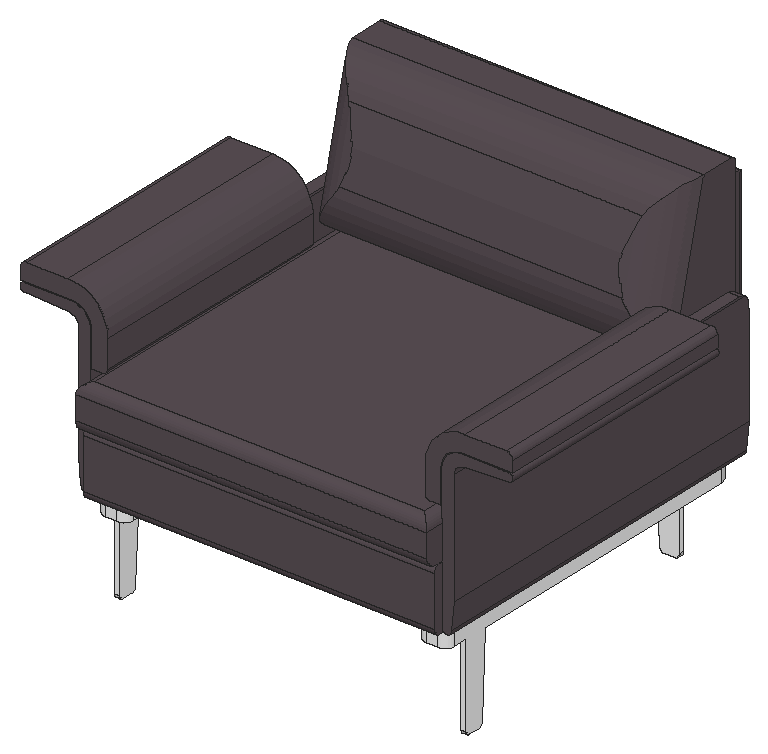
Revit family "Seating-Sofa-Teknion-STMS_Envita-R2014", category Furniture, Revit 2014
Parameters (values of type "(See Type Catalog)")
  Wood Frame Finish [instance] = Wood - Teknion - DU - Acorn
  With Wood Frame = no
  With Metal Frame = yes
  Width = 3' - 2.6"
  Warranty = "http://www.teknionstudio.com/pdfs/Teknion%20Studio%20Warranty.pdf"
  Unit Weight = 0.00 lbf
  URL = "http://www.teknionstudio.com/"
  Type Comments = ""
  Series = "Studio"  # constant formula
  Seat Upholstery Finish [instance] = Fabric - Teknion - F223 - Full Wool - Deep Orchid
  Salvage or Reuse = yes
  Product Page URL = "http://teknionstudio.com/envita"
  Product Line = "Envita"
  Product Documentation Link = "http://www.teknionstudio.com/pricing/STMS_ppg.pdf"
  Percentage of Recycled Content = 0
  Part Number = "STMS"
  Model = "STMS1"
  Manufacturer Phone = "919-464-2920"
  Manufacturer Fax = "919-464-2927"
  Manufacturer Email = "mailto:customersupport@teknionstudio.com"
  Manufacturer Address = "3940 US 70 Business HWY West, Clayton, NC 27520"
  Manufacturer = "StudioTK"  # constant formula
  Keynote = ""
  Height = 2' - 5.153"  # constant formula
  Description = ""
  Depth = 2' - 7 1/8"  # constant formula
  Cushion Edge = 2' - 3 1/2"
  Assembly Code = "E2020200"
  3 Seater Plan Symbol = no
  2 Seater Plan Symbol = no
Reference planes (in)
  plane 1 "Center F/B": y = 0
  plane 2: z = 0
  plane 3 "Center L/R": x = 0
  plane 4 "Left": x = -19.3
  plane 5 "Right": x = 19.3
  plane 6 "Back": y = 15.5625
  plane 7 "Front": y = -15.5625
  plane 8 "Top": z = 29.153
  plane 9: x = -12.425
  plane 10: x = 12.425
  plane 11: y = 6.8515
  plane 12: z = 8.3125
  plane 13 "Masking Region": z = 16.8125
  plane 14: x = -13.75
  plane 15: x = 13.75
  plane 16: through (480, 11.88294, 28.7725) normal (0, 0.9688, -0.2477)
  plane 17: x = 13.75
  plane 18: x = 41.25
  plane 19: x = 68.75
  plane 20: x = -4.58333
  plane 21: x = 4.58333
  plane 22: x = 13.75
  plane 23: x = 41.25
  plane 24: x = 68.75
  plane 25: x = 13.75
  plane 26: x = 41.25
  plane 27: x = 68.75
Forms (in)
  Sweep 1, solid, material "Fabric - Teknion - F223 - Full Wool - Deep Orchid" <- "Seat Upholstery Finish"
    path origin (0, 0, 0) x (1, 0, 0) y (0, 1, 0)
      loop
        line (-13.75, 15.5625) -> (13.75, 15.5625)
    profile origin (0, 15.5625, 0) x (0, 1, 0) y (0, 0, 1)
      loop
        arc (-4.01223, 29.153) -> (-5.91507, 28.46412) -> (-7.17715, 26.88218) r 3.72595
        arc (-7.17715, 26.88218) -> (-8.07874, 24.3136) -> (-8.66205, 21.65461) r 22.39707
        arc (-8.66205, 21.65461) -> (-8.14732, 18.76913) -> (-5.965, 16.8125) r 4.50063
        line (-5.965, 16.8125) -> (-0.9375, 16.8125) -> (-0.9375, 28.773)
        arc (-0.9375, 28.773) -> (-1.0488, 29.0417) -> (-1.3175, 29.153) r 0.38
        line (-1.3175, 29.153) -> (-4.01223, 29.153)
      loop
        line (-0.875, 27.938) -> (-0.875, 8.3125) -> (-0.25, 8.3125) -> (0, 10.3125) -> (0, 25.938) -> (-0.22263, 27.71901)
        arc (-0.22263, 27.71901) -> (-0.30524, 27.87542) -> (-0.4707, 27.938) r 0.25
        line (-0.4707, 27.938) -> (-0.875, 27.938)
  Sweep 2, void
    path origin (0, 0, 0) x (0, 1, 0) y (0, 0, 1)
      loop
        line (8.82548, 16.8125) -> (11.98009, 29.1525)
    profile origin (0, 11.98009, 29.1525) x (0, -0.968843, 0.247675) y (1, 0, 0)
      loop
        line (4.34254, 10.05175) -> (4.34254, 17.44836) -> (3.18368, 17.44836)
        arc (3.18368, 17.44836) -> (2.43895, 15.12072) -> (0.41566, 13.75) r 3.73985
        arc (0.41566, 13.75) -> (2.43892, 12.37933) -> (3.18368, 10.05175) r 3.73985
        line (3.18368, 10.05175) -> (4.34254, 10.05175)
      loop
        line (0.41642, -15) -> (4.5, -15) -> (4.5, -10.13935) -> (3.18469, -10.13935)
        arc (3.18469, -10.13935) -> (2.41298, -12.41422) -> (0.41642, -13.75) r 3.73882
        line (0.41642, -13.75) -> (0.41642, -15)
      loop
        line (4.34254, 37.55169) -> (4.34254, 44.94831) -> (3.18368, 44.94831)
        arc (3.18368, 44.94831) -> (2.43895, 42.62066) -> (0.41566, 41.24994) r 3.73985
        arc (0.41566, 41.24994) -> (2.43892, 39.87927) -> (3.18368, 37.55169) r 3.73985
        line (3.18368, 37.55169) -> (4.34254, 37.55169)
      loop
        line (0.41642, 70) -> (0.41642, 68.75)
        arc (0.41642, 68.75) -> (2.41298, 67.41422) -> (3.18469, 65.13935) r 3.73882
        line (3.18469, 65.13935) -> (4.5, 65.13935) -> (4.5, 70) -> (0.41642, 70)
  Sweep 3, solid, material "Metal - Teknion - C6 - Chrome", visible <- "With Metal Frame"
    path origin (0, 0, 0) x (1, 0, 0) y (0, 1, 0)
      loop
        line (-11.375, -12.0975) -> (11.375, -12.0975) -> (11.375, -12.8125)
        arc (11.375, -12.8125) -> (11.59467, -13.34283) -> (12.125, -13.5625) r 0.75
        line (12.125, -13.5625) -> (13, -13.5625)
        arc (13, -13.5625) -> (13.53033, -13.34283) -> (13.75, -12.8125) r 0.75
        line (13.75, -12.8125) -> (13.75, 13.3125)
        arc (13.75, 13.3125) -> (13.53033, 13.84283) -> (13, 14.0625) r 0.75
        line (13, 14.0625) -> (7.375, 14.0625)
        arc (7.375, 14.0625) -> (6.84467, 13.84283) -> (6.625, 13.3125) r 0.75
        line (6.625, 13.3125) -> (6.625, 12.5975) -> (-6.625, 12.5975) -> (-6.625, 13.3125)
        arc (-6.625, 13.3125) -> (-6.84467, 13.84283) -> (-7.375, 14.0625) r 0.75
        line (-7.375, 14.0625) -> (-13, 14.0625)
        arc (-13, 14.0625) -> (-13.53033, 13.84283) -> (-13.75, 13.3125) r 0.75
        line (-13.75, 13.3125) -> (-13.75, -12.8125)
        arc (-13.75, -12.8125) -> (-13.53033, -13.34283) -> (-13, -13.5625) r 0.75
        line (-13, -13.5625) -> (-12.125, -13.5625)
        arc (-12.125, -13.5625) -> (-11.59467, -13.34283) -> (-11.375, -12.8125) r 0.75
        line (-11.375, -12.8125) -> (-11.375, -12.0975)
    profile origin (0, -12.0975, 0) x (0, 1, 0) y (0, 0, 1)
      loop
        line (0, 8.3125) -> (0, 6.8125) -> (0.375, 6.8125) -> (0.375, 8.3125) -> (0, 8.3125)
  Sweep 4, solid, material "Metal - Teknion - C6 - Chrome", visible <- "With Metal Frame"
    path origin (0, 0, 0) x (1, 0, 0) y (0, 1, 0)
      loop
        line (13.75, -15.5625) -> (13.375, -15.5625)
    profile origin (13.5625, -15.5625, 0) x (0, -1, 0) y (0, 0, 1)
      loop
        line (-3.83472, 6.8125) -> (-5.69175, 6.8125) -> (-5.35024, 0.29615)
        arc (-5.35024, 0.29615) -> (-5.25328, 0.08582) -> (-5.03817, 0) r 0.3125
        line (-5.03817, 0) -> (-4.14722, 0)
        arc (-4.14722, 0) -> (-3.92625, 0.09153) -> (-3.83472, 0.3125) r 0.3125
        line (-3.83472, 0.3125) -> (-3.83472, 6.8125)
  Sweep 5, solid, material "Metal - Teknion - C6 - Chrome", visible <- "With Metal Frame"
    path origin (0, 0, 0) x (1, 0, 0) y (0, 1, 0)
      loop
        line (-13.75, -15.5625) -> (-13.375, -15.5625)
    profile origin (-13.5625, -15.5625, 0) x (0, 1, 0) y (0, 0, 1)
      loop
        line (3.83472, 6.8125) -> (3.83472, 0.3125)
        arc (3.83472, 0.3125) -> (3.92625, 0.09153) -> (4.14722, 0) r 0.3125
        line (4.14722, 0) -> (5.03817, 0)
        arc (5.03817, 0) -> (5.25328, 0.08582) -> (5.35024, 0.29615) r 0.3125
        line (5.35024, 0.29615) -> (5.69175, 6.8125) -> (3.83472, 6.8125)
  Sweep 6, solid, material "Metal - Teknion - C6 - Chrome", visible <- "With Metal Frame"
    path origin (0, 0, 0) x (1, 0, 0) y (0, 1, 0)
      loop
        line (0, 14.0625) -> (0, 13.6875)
    profile origin (0, 13.875, 0) x (1, 0, 0) y (0, 0, 1)
      loop
        line (-10.1292, 6.8125) -> (-10.1292, 0.3125)
        arc (-10.1292, 0.3125) -> (-10.03767, 0.09153) -> (-9.8167, 0) r 0.3125
        line (-9.8167, 0) -> (-8.92575, 0)
        arc (-8.92575, 0) -> (-8.71064, 0.08582) -> (-8.61368, 0.29615) r 0.3125
        line (-8.61368, 0.29615) -> (-8.27217, 6.8125) -> (-10.1292, 6.8125)
      loop
        line (8.92575, 0) -> (9.8167, 0)
        arc (9.8167, 0) -> (10.03767, 0.09153) -> (10.1292, 0.3125) r 0.3125
        line (10.1292, 0.3125) -> (10.1292, 6.8125) -> (8.27217, 6.8125) -> (8.61368, 0.29615)
        arc (8.61368, 0.29615) -> (8.71064, 0.08582) -> (8.92575, 0) r 0.3125
  Sweep 7, solid, material "Fabric - Teknion - F223 - Full Wool - Deep Orchid" <- "Seat Upholstery Finish"
    path origin (0, 0, 0) x (1, 0, 0) y (0, 1, 0)
      loop
        line (0, 14.6875) -> (0, -14.0625)
    profile origin (0, 0.3125, 0) x (1, 0, 0) y (0, 0, 1)
      loop
        arc (15.44996, 20.5125) -> (17.21361, 20.561) -> (18.97193, 20.70637) r 32.08894
        arc (18.97193, 20.70637) -> (19.3, 21.03443) -> (18.97193, 21.3625) r 0.32807
        line (18.97193, 21.3625) -> (15.26057, 21.3625)
        arc (15.26057, 21.3625) -> (14.19013, 20.89503) -> (13.75, 19.81307) r 1.54993
        line (13.75, 19.81307) -> (13.75, 8.70093)
        arc (13.75, 8.70093) -> (14.13843, 8.3125) -> (14.52686, 8.70093) r 0.38843
        line (14.52686, 8.70093) -> (14.72496, 10.79101) -> (14.72496, 19.7875)
        arc (14.72496, 19.7875) -> (14.93731, 20.30015) -> (15.44996, 20.5125) r 0.725
      loop
        arc (-15.44996, 20.5125) -> (-14.93731, 20.30015) -> (-14.72496, 19.7875) r 0.725
        line (-14.72496, 19.7875) -> (-14.72496, 10.79101) -> (-14.52686, 8.70093)
        arc (-14.52686, 8.70093) -> (-14.13843, 8.3125) -> (-13.75, 8.70093) r 0.38843
        line (-13.75, 8.70093) -> (-13.75, 19.81307)
        arc (-13.75, 19.81307) -> (-14.19013, 20.89503) -> (-15.26057, 21.3625) r 1.54993
        line (-15.26057, 21.3625) -> (-18.97193, 21.3625)
        arc (-18.97193, 21.3625) -> (-19.3, 21.03443) -> (-18.97193, 20.70637) r 0.32807
        arc (-18.97193, 20.70637) -> (-17.21361, 20.561) -> (-15.44996, 20.5125) r 32.08894
  Sweep 8, void
    path origin (0, 0, 0) x (1, 0, 0) y (0, 1, 0)
      loop
        line (-19.3, 15.5625) -> (19.3, 15.5625)
    profile origin (0, 15.5625, 0) x (0, 1, 0) y (0, 0, 1)
      loop
        line (-9.625, 22.41733) -> (-9.625, 21.32901)
        arc (-9.625, 21.32901) -> (-9.53349, 21.2375) -> (-9.5, 21.1125) r 0.25
        line (-9.5, 21.1125) -> (-9.5, 20.6275)
        arc (-9.5, 20.6275) -> (-9.2979, 20.1396) -> (-8.81, 19.9375) r 0.69
        line (-8.81, 19.9375) -> (-1.72189, 19.9375)
        arc (-1.72189, 19.9375) -> (-1.12305, 19.68945) -> (-0.875, 19.09061) r 0.84689
        line (-0.875, 19.09061) -> (-0.875, 18.43414) -> (0, 18.43414) -> (0, 29.1525) -> (-10.2696, 29.1525) -> (-10.2696, 22.88733) -> (-10.095, 22.88733)
        arc (-10.095, 22.88733) -> (-9.76266, 22.74967) -> (-9.625, 22.41733) r 0.47
  Sweep 9, solid, material "Fabric - Teknion - F223 - Full Wool - Deep Orchid" <- "Seat Upholstery Finish"
    path origin (0, 0, 0) x (1, 0, 0) y (0, 1, 0)
      loop
        line (0, 5.9375) -> (0, -14.0625)
    profile origin (0, -4.0625, 0) x (1, 0, 0) y (0, 0, 1)
      loop
        arc (15.54432, 22.825) -> (13.33863, 21.91137) -> (12.425, 19.70568) r 3.11932
        line (12.425, 19.70568) -> (12.425, 17.56216)
        arc (12.425, 17.56216) -> (12.59073, 17.3015) -> (12.88246, 17.2) r 0.47
        line (12.88246, 17.2) -> (13.663, 17.2) -> (13.663, 19.81307)
        arc (13.663, 19.81307) -> (14.14245, 20.97055) -> (15.29993, 21.45) r 1.63693
        line (15.29993, 21.45) -> (19.3, 21.45) -> (19.3, 22.325)
        arc (19.3, 22.325) -> (19.15355, 22.67855) -> (18.8, 22.825) r 0.5
        line (18.8, 22.825) -> (15.54432, 22.825)
      loop
        line (-15.54432, 22.825) -> (-18.8, 22.825)
        arc (-18.8, 22.825) -> (-19.15355, 22.67855) -> (-19.3, 22.325) r 0.5
        line (-19.3, 22.325) -> (-19.3, 21.45) -> (-15.29993, 21.45)
        arc (-15.29993, 21.45) -> (-14.14245, 20.97055) -> (-13.663, 19.81307) r 1.63693
        line (-13.663, 19.81307) -> (-13.663, 17.2) -> (-12.88246, 17.2)
        arc (-12.88246, 17.2) -> (-12.59073, 17.3015) -> (-12.425, 17.56216) r 0.47
        line (-12.425, 17.56216) -> (-12.425, 19.70568)
        arc (-12.425, 19.70568) -> (-13.33863, 21.91137) -> (-15.54432, 22.825) r 3.11932
  Sweep 10, solid, material "Fabric - Teknion - F223 - Full Wool - Deep Orchid" <- "Seat Upholstery Finish"
    path origin (0, 0, 0) x (1, 0, 0) y (0, 1, 0)
      loop
        line (-13.75, 0) -> (13.75, 0)
    profile origin (0, 0, 0) x (0, 1, 0) y (0, 0, 1)
      loop
        arc (-15.5625, 14.1525) -> (-15.31647, 13.55853) -> (-14.7225, 13.3125) r 0.84
        line (-14.7225, 13.3125) -> (-11.18529, 13.3125) -> (-11.18529, 13.25) -> (-14.3125, 13.25)
        arc (-14.3125, 13.25) -> (-14.66605, 13.10355) -> (-14.8125, 12.75) r 0.5
        line (-14.8125, 12.75) -> (-14.8125, 8.8125)
        arc (-14.8125, 8.8125) -> (-14.66605, 8.45895) -> (-14.3125, 8.3125) r 0.5
        line (-14.3125, 8.3125) -> (14.6875, 8.3125) -> (14.6875, 13.3125) -> (10.4375, 13.3125) -> (10.4375, 16.8125) -> (-14.7225, 16.8125)
        arc (-14.7225, 16.8125) -> (-15.31647, 16.56647) -> (-15.5625, 15.9725) r 0.84
        line (-15.5625, 15.9725) -> (-15.5625, 14.1525)
  Sweep 11, void
    path origin (0, 0, 0) x (1, 0, 0) y (0, 1, 0)
      loop
        line (0, 14.6875) -> (0, -15.5625)
    profile origin (0, -0.4375, 0) x (1, 0, 0) y (0, 0, 1)
      loop
        line (-14.59, 17.0125) -> (-14.59, 15.9725) -> (-13.75, 15.9725)
        arc (-13.75, 15.9725) -> (-13.50397, 16.56647) -> (-12.91, 16.8125) r 0.84
        line (-12.91, 16.8125) -> (-12.91, 17.0125) -> (-14.59, 17.0125)
      loop
        arc (41.25, 15.9725) -> (41.49603, 16.56647) -> (42.09, 16.8125) r 0.84
        line (42.09, 16.8125) -> (42.09, 17.0125) -> (40.41, 17.0125) -> (40.41, 16.8125)
        arc (40.41, 16.8125) -> (41.00397, 16.56647) -> (41.25, 15.9725) r 0.84
      loop
        arc (13.75, 15.9725) -> (13.99603, 16.56647) -> (14.59, 16.8125) r 0.84
        line (14.59, 16.8125) -> (14.59, 17.0125) -> (12.91, 17.0125) -> (12.91, 16.8125)
        arc (12.91, 16.8125) -> (13.50397, 16.56647) -> (13.75, 15.9725) r 0.84
      loop
        line (69.589, 17.0125) -> (67.909, 17.0125) -> (67.909, 16.8125)
        arc (67.909, 16.8125) -> (68.50297, 16.56647) -> (68.749, 15.9725) r 0.84
        line (68.749, 15.9725) -> (69.589, 15.9725) -> (69.589, 17.0125)
  Sweep 12, void
    path origin (0, 0, 0) x (1, 0, 0) y (0, 0, 1)
      loop
        line (0, 29.153) -> (0, 8.3125)
    profile origin (0, 0, 18.73275) x (0, -1, 0) y (1, 0, 0)
      loop
        line (-15.33987, -13.53101) -> (-15.5625, -10.98638) -> (-15.80037, -10.98638) -> (-15.80037, -13.93305) -> (-15.0918, -13.93305) -> (-15.0918, -13.75)
        arc (-15.0918, -13.75) -> (-15.25726, -13.68742) -> (-15.33987, -13.53101) r 0.25
      loop
        arc (-15.33987, 13.53101) -> (-15.25726, 13.68742) -> (-15.0918, 13.75) r 0.25
        arc (-15.0918, 13.75) -> (-15.25726, 13.81258) -> (-15.33987, 13.96899) r 0.25
        line (-15.33987, 13.96899) -> (-15.5625, 16.51362) -> (-15.80037, 16.51362) -> (-15.80037, 10.98638) -> (-15.5625, 10.98638) -> (-15.33987, 13.53101)
      loop
        arc (-15.33987, 41.03101) -> (-15.25726, 41.18742) -> (-15.0918, 41.25) r 0.25
        arc (-15.0918, 41.25) -> (-15.25726, 41.31258) -> (-15.33987, 41.46899) r 0.25
        line (-15.33987, 41.46899) -> (-15.5625, 44.01362) -> (-15.80037, 44.01362) -> (-15.80037, 38.48638) -> (-15.5625, 38.48638) -> (-15.33987, 41.03101)
      loop
        arc (-15.33987, 68.53001) -> (-15.25726, 68.68642) -> (-15.0918, 68.749) r 0.25
        line (-15.0918, 68.749) -> (-15.0918, 68.93205) -> (-15.80037, 68.93205) -> (-15.80037, 65.98538) -> (-15.5625, 65.98538) -> (-15.33987, 68.53001)
  Sweep 13, solid, material "Wood - Teknion - DU - Acorn" <- "Wood Frame Finish", visible <- "With Wood Frame"
    path origin (0, 0, 0) x (1, 0, 0) y (0, 0, 1)
      loop
        line (0, 8.3125) -> (0, 6.8125)
    profile origin (0, 0, 7.5625) x (0, -1, 0) y (1, 0, 0)
      loop
        arc (13.4025, -13.5625) -> (14.12125, -12.84375) -> (13.4025, -12.125) r 0.71875
        line (13.4025, -12.125) -> (12.18375, -12.125) -> (12.18375, 12.125) -> (13.4025, 12.125)
        arc (13.4025, 12.125) -> (14.12125, 12.84375) -> (13.4025, 13.5625) r 0.71875
        line (13.4025, 13.5625) -> (-13.69125, 13.5625)
        arc (-13.69125, 13.5625) -> (-13.97826, 13.50541) -> (-14.22158, 13.34283) r 0.75
        arc (-14.22158, 13.34283) -> (-14.38416, 13.09951) -> (-14.44125, 12.8125) r 0.75
        line (-14.44125, 12.8125) -> (-14.44125, 8.8125)
        arc (-14.44125, 8.8125) -> (-13.7225, 8.09375) -> (-13.00375, 8.8125) r 0.71875
        line (-13.00375, 8.8125) -> (-13.00375, -8.8125)
        arc (-13.00375, -8.8125) -> (-13.7225, -8.09375) -> (-14.44125, -8.8125) r 0.71875
        line (-14.44125, -8.8125) -> (-14.44125, -12.8125)
        arc (-14.44125, -12.8125) -> (-14.38416, -13.09951) -> (-14.22158, -13.34283) r 0.75
        arc (-14.22158, -13.34283) -> (-13.97826, -13.50541) -> (-13.69125, -13.5625) r 0.75
        line (-13.69125, -13.5625) -> (13.4025, -13.5625)
      loop
        line (-12.00375, 12.125) -> (-12.00375, -12.125) -> (11.18375, -12.125) -> (11.18375, 12.125) -> (-12.00375, 12.125)
  SweptBlend 14, solid, material "Wood - Teknion - DU - Acorn" <- "Wood Frame Finish", visible <- "With Wood Frame"
    path origin (0, 0, 0) x (1, 0, 0) y (0, 0, 1)
      loop
        line (-13.75, 6.8125) -> (-13.75, 0)
    profile origin (-13.75, 0, 6.8125) x (0, -1, 0) y (1, 0, 0)
      loop
        line (12.18375, 0.1875) -> (13.4025, 0.1875)
        arc (13.4025, 0.1875) -> (14.12125, 0.90625) -> (13.4025, 1.625) r 0.71875
        line (13.4025, 1.625) -> (12.18375, 1.625) -> (12.18375, 0.1875)
    end profile origin (-13.75, 0, 0) x (0, -1, 0) y (1, 0, 0)
      loop
        line (12.48728, 0.1875) -> (13.4025, 0.1875)
        arc (13.4025, 0.1875) -> (14.12125, 0.90625) -> (13.4025, 1.625) r 0.71875
        line (13.4025, 1.625) -> (12.48728, 1.625) -> (12.48728, 0.1875)
  SweptBlend 15, solid, material "Wood - Teknion - DU - Acorn" <- "Wood Frame Finish", visible <- "With Wood Frame"
    path origin (0, 0.03125, 0) x (1, 0, 0) y (0, 0, -1)
      loop
        line (-13.75, -6.8125) -> (-13.75, 0)
    profile origin (-13.75, 0.03125, 6.8125) x (0, 1, 0) y (-1, 0, 0)
      loop
        line (14.41, -3.71961) -> (12.9725, -3.71961) -> (12.9725, -4.9375)
        arc (12.9725, -4.9375) -> (13.69125, -5.65625) -> (14.41, -4.9375) r 0.71875
        line (14.41, -4.9375) -> (14.41, -3.71961)
    end profile origin (-13.75, 0.03125, 0) x (0, 1, 0) y (-1, 0, 0)
      loop
        line (14.41, -4.0675) -> (12.9725, -4.0675) -> (12.9725, -4.9375)
        arc (12.9725, -4.9375) -> (13.69125, -5.65625) -> (14.41, -4.9375) r 0.71875
        line (14.41, -4.9375) -> (14.41, -4.0675)
  SweptBlend 16, solid, material "Wood - Teknion - DU - Acorn" <- "Wood Frame Finish", visible <- "With Wood Frame"
    path origin (0, 0.03125, 0) x (-1, 0, 0) y (0, 0, 1)
      loop
        line (-13.75, 6.8125) -> (-13.75, 0)
    profile origin (13.75, 0.03125, 6.8125) x (0, 1, 0) y (-1, 0, 0)
      loop
        line (14.41, 3.71961) -> (14.41, 4.9375)
        arc (14.41, 4.9375) -> (13.69125, 5.65625) -> (12.9725, 4.9375) r 0.71875
        line (12.9725, 4.9375) -> (12.9725, 3.71961) -> (14.41, 3.71961)
    end profile origin (13.75, 0.03125, 0) x (0, 1, 0) y (-1, 0, 0)
      loop
        line (14.41, 4.0675) -> (14.41, 4.9375)
        arc (14.41, 4.9375) -> (13.69125, 5.65625) -> (12.9725, 4.9375) r 0.71875
        line (12.9725, 4.9375) -> (12.9725, 4.0675) -> (14.41, 4.0675)
  SweptBlend 17, solid, material "Wood - Teknion - DU - Acorn" <- "Wood Frame Finish", visible <- "With Wood Frame"
    path origin (0, 0, 0) x (-1, 0, 0) y (0, 0, 1)
      loop
        line (-13.75, 6.8125) -> (-13.75, 0)
    profile origin (13.75, 0, 6.8125) x (0, -1, 0) y (1, 0, 0)
      loop
        line (12.18375, -0.1875) -> (12.18375, -1.625) -> (13.4025, -1.625)
        arc (13.4025, -1.625) -> (14.12125, -0.90625) -> (13.4025, -0.1875) r 0.71875
        line (13.4025, -0.1875) -> (12.18375, -0.1875)
    end profile origin (13.75, 0, 0) x (0, -1, 0) y (1, 0, 0)
      loop
        line (12.48728, -0.1875) -> (12.48728, -1.625) -> (13.4025, -1.625)
        arc (13.4025, -1.625) -> (14.12125, -0.90625) -> (13.4025, -0.1875) r 0.71875
        line (13.4025, -0.1875) -> (12.48728, -0.1875)
Cuts and joins
  Sweep 2, Sweep 12 cuts Sweep 1
  joined: Sweep 3, Sweep 4, Sweep 5, Sweep 6
  Sweep 8 cuts Sweep 7
  Sweep 11 cuts Sweep 10
  joined: Sweep 13, SweptBlend 14, SweptBlend 15, SweptBlend 16, SweptBlend 17
Lines and regions (in)
  Masking region 1
    outline origin (0, 0, 16.8125) x (-1, 0, 0) y (0, -1, 0)
      loop
        line (-14.74065, -6.7525) -> (-14.74065, -12.12418)
        arc (-14.74065, -12.12418) -> (-14.70032, -13.41139) -> (-14.52686, -14.6875) r 12.41599
        arc (-14.52686, -14.6875) -> (-14.20093, -14.93777) -> (-13.875, -14.6875) r 0.33737
        line (-13.875, -14.6875) -> (-13.75, -14.6875) -> (-13.75, -15.32071) -> (-10.98638, -15.5625) -> (10.98638, -15.5625) -> (13.75, -15.32071) -> (13.75, -14.6875) -> (13.875, -14.6875)
        arc (13.875, -14.6875) -> (14.20093, -14.93777) -> (14.52686, -14.6875) r 0.33737
        arc (14.52686, -14.6875) -> (14.70032, -13.41139) -> (14.74065, -12.12418) r 12.41599
        line (14.74065, -12.12418) -> (14.74065, -6.7525)
        spline (14.74065, -6.7525) -> (14.74269, -6.63744) -> (14.74955, -6.52727) -> (14.7632, -6.42265) -> (14.78673, -6.32842) -> (14.82345, -6.24705) -> (14.87615, -6.18231) -> (14.94553, -6.13345) -> (15.03043, -6.10122) -> (15.12718, -6.08042) -> (15.23294, -6.06969) -> (15.34474, -6.06352) -> (15.46002, -6.0625)
        line (15.46002, -6.0625) -> (18.4, -6.0625)
        arc (18.4, -6.0625) -> (19.0364, -5.7989) -> (19.3, -5.1625) r 0.9
        line (19.3, -5.1625) -> (19.3, 13.1625)
        arc (19.3, 13.1625) -> (19.0364, 13.7989) -> (18.4, 14.0625) r 0.9
        line (18.4, 14.0625) -> (13.75, 14.0625) -> (13.75, 14.8625)
        arc (13.75, 14.8625) -> (13.54497, 15.35747) -> (13.05, 15.5625) r 0.7
        line (13.05, 15.5625) -> (-13.05, 15.5625)
        arc (-13.05, 15.5625) -> (-13.54497, 15.35747) -> (-13.75, 14.8625) r 0.7
        line (-13.75, 14.8625) -> (-13.75, 14.0625) -> (-18.4, 14.0625)
        arc (-18.4, 14.0625) -> (-19.0364, 13.7989) -> (-19.3, 13.1625) r 0.9
        line (-19.3, 13.1625) -> (-19.3, -5.1625)
        arc (-19.3, -5.1625) -> (-19.0364, -5.7989) -> (-18.4, -6.0625) r 0.9
        line (-18.4, -6.0625) -> (-15.46002, -6.0625)
        spline (-15.46002, -6.0625) -> (-15.34474, -6.06352) -> (-15.23294, -6.06969) -> (-15.12718, -6.08042) -> (-15.03043, -6.10122) -> (-14.94553, -6.13345) -> (-14.87615, -6.18231) -> (-14.82345, -6.24705) -> (-14.78673, -6.32842) -> (-14.7632, -6.42265) -> (-14.74955, -6.52727) -> (-14.74269, -6.63744) -> (-14.74065, -6.7525)
  symbolic lines, visible <- "3 Seater Plan Symbol"
    curve 1: line (-4.58333, 15.5625, 16.8125) -> (-4.58333, -14.8625, 16.8125)
    curve 2: line (4.58333, 15.5625, 16.8125) -> (4.58333, -14.8625, 16.8125)
    curve 21: arc (5.28333, -15.5625, 16.8125) -> (4.78836, -15.35747, 16.8125) -> (4.58333, -14.8625, 16.8125) r 0.7
    curve 22: arc (3.88333, -15.5625, 16.8125) -> (4.37831, -15.35747, 16.8125) -> (4.58333, -14.8625, 16.8125) r 0.7
    curve 25: arc (-3.88333, -15.5625, 16.8125) -> (-4.37831, -15.35747, 16.8125) -> (-4.58333, -14.8625, 16.8125) r 0.7
    curve 26: arc (-5.28333, -15.5625, 16.8125) -> (-4.78836, -15.35747, 16.8125) -> (-4.58333, -14.8625, 16.8125) r 0.7
    curve 31: line (-7.34695, 15.5625, 16.8125) -> (-4.58333, 15.32071, 16.8125)
    curve 32: line (-1.81971, 15.5625, 16.8125) -> (-4.58333, 15.32071, 16.8125)
    curve 35: line (1.81971, 15.5625, 16.8125) -> (4.58333, 15.32071, 16.8125)
    curve 36: line (7.34695, 15.5625, 16.8125) -> (4.58333, 15.32071, 16.8125)
  symbolic lines, visible <- "2 Seater Plan Symbol"
    curve 3: line (0, 15.5625, 16.8125) -> (0, -14.8625, 16.8125)
    curve 23: arc (0.7, -15.5625, 16.8125) -> (0.20503, -15.35747, 16.8125) -> (0, -14.8625, 16.8125) r 0.7
    curve 24: arc (-0.7, -15.5625, 16.8125) -> (-0.20503, -15.35747, 16.8125) -> (0, -14.8625, 16.8125) r 0.7
    curve 33: line (-2.76362, 15.5625, 16.8125) -> (0, 15.32071, 16.8125)
    curve 34: line (2.76362, 15.5625, 16.8125) -> (0, 15.32071, 16.8125)
  symbolic lines, visible <- "3 Seater Plan Symbol", detail levels medium+fine
    curve 4: arc (4.58333, 8.55626, 16.8125) -> (5.40463, 7.36022, 16.8125) -> (6.76338, 6.8515, 16.8125) r 2.41262
    curve 6: arc (-4.58333, 8.55626, 16.8125) -> (-5.40463, 7.36022, 16.8125) -> (-6.76338, 6.8515, 16.8125) r 2.41262
    curve 27: arc (-4.58333, 8.55626, 16.8125) -> (-3.76204, 7.36022, 16.8125) -> (-2.40328, 6.8515, 16.8125) r 2.41262
    curve 28: arc (4.58333, 8.55626, 16.8125) -> (3.76204, 7.36022, 16.8125) -> (2.40328, 6.8515, 16.8125) r 2.41262
  symbolic lines
    curve 5: line (11.56995, 6.8515, 16.8125) -> (-11.56995, 6.8515, 16.8125)
    curve 7: arc (-13.75, 8.55626, 16.8125) -> (-12.92871, 7.36022, 16.8125) -> (-11.56995, 6.8515, 16.8125) r 2.41262
    curve 8: line (-13.75, 6.0625, 16.8125) -> (-13.75, 14.6875, 16.8125)
    curve 9: arc (13.75, 8.55626, 16.8125) -> (12.92871, 7.36022, 16.8125) -> (11.56995, 6.8515, 16.8125) r 2.41262
    curve 10: line (13.75, 6.0625, 16.8125) -> (13.75, 14.6875, 16.8125)
    curve 11: line (13.75, -14.0625, 16.8125) -> (13.325, -14.0625, 16.8125)
    curve 12: line (12.425, -13.1625, 16.8125) -> (12.425, 5.1625, 16.8125)
    curve 13: line (16, 6.0625, 16.8125) -> (13.325, 6.0625, 16.8125)
    curve 14: arc (13.325, -14.0625, 16.8125) -> (12.6886, -13.7989, 16.8125) -> (12.425, -13.1625, 16.8125) r 0.9
    curve 15: arc (13.325, 6.0625, 16.8125) -> (12.6886, 5.7989, 16.8125) -> (12.425, 5.1625, 16.8125) r 0.9
    curve 16: line (-13.75, -14.0625, 16.8125) -> (-13.325, -14.0625, 16.8125)
    curve 17: line (-12.425, -13.1625, 16.8125) -> (-12.425, 5.1625, 16.8125)
    curve 18: line (-16, 6.0625, 16.8125) -> (-13.325, 6.0625, 16.8125)
    curve 19: arc (-13.325, -14.0625, 16.8125) -> (-12.6886, -13.7989, 16.8125) -> (-12.425, -13.1625, 16.8125) r 0.9
    curve 20: arc (-13.325, 6.0625, 16.8125) -> (-12.6886, 5.7989, 16.8125) -> (-12.425, 5.1625, 16.8125) r 0.9
  symbolic lines, visible <- "2 Seater Plan Symbol", detail levels medium+fine
    curve 29: arc (0, 8.55626, 16.8125) -> (0.82129, 7.36022, 16.8125) -> (2.18005, 6.8515, 16.8125) r 2.41262
    curve 30: arc (0, 8.55626, 16.8125) -> (-0.82129, 7.36022, 16.8125) -> (-2.18005, 6.8515, 16.8125) r 2.41262
  symbolic lines, detail levels fine
    curve 37: arc (-13.75, 11.55027, 16.8125) -> (-12.34602, 9.06355, 16.8125) -> (-10.17581, 7.20742, 16.8125) r 8.2179
    curve 38: arc (-11.56995, 6.8515, 16.8125) -> (-10.84573, 6.92311, 16.8125) -> (-10.17581, 7.20742, 16.8125) r 2.41262
    curve 39: arc (13.75, 11.55027, 16.8125) -> (12.34602, 9.06355, 16.8125) -> (10.17581, 7.20742, 16.8125) r 8.2179
    curve 40: arc (11.56995, 6.8515, 16.8125) -> (10.84573, 6.92311, 16.8125) -> (10.17581, 7.20742, 16.8125) r 2.41262
Dimensions and locks (in)
  "Height": plane 8 "Top" to level
  equal spacing: plane 4 "Left", plane 3 "Center L/R", plane 5 "Right"
  equal spacing: plane 6 "Back", plane 1 "Center F/B", plane 7 "Front"
  "Depth": plane 6 "Back" to plane 7 "Front"
  locked: plane 4 "Left" to plane 9 at 6.875
  locked: plane 10 to plane 5 "Right" at 6.875
  locked: plane 6 "Back" to plane 11 at 8.711
  locked: plane 12 to plane 2 at 8.3125
  locked: plane 13 "Masking Region" to plane 12 at 8.5
  locked: plane 4 "Left" to plane 14 at 5.55
  locked: plane 15 to plane 5 "Right" at 5.55
  "Width": plane 4 "Left" to plane 5 "Right"
  Sweep 2 sketch curve to plane 17 to Sweep 2 sketch curve = 0' - 3.69825" locked, 0' - 3.69836" locked
  Sweep 2 sketch curve to plane 17 to Sweep 2 sketch curve = 0' - 3.61164" locked, 0' - 3.61164" locked
  "Cushion Edge": plane 14 to plane 17
  Sweep 2 sketch curve to plane 14 to Sweep 2 sketch curve = 0' - 1 1/4" locked, 0' - 3.61065" locked
  locked: plane 14 to Sweep 2 sketch curve at 3.61065
  "Cushion Edge": plane 17 to plane 18
  "Cushion Edge": plane 18 to plane 19
  Sweep 2 sketch curve to plane 18 to Sweep 2 sketch curve = 0' - 3.69831" locked, 0' - 3.69831" locked
  Sweep 2 sketch curve to plane 18 to Sweep 2 sketch curve = 0' - 3.6117" locked, 0' - 3.61159" locked
  Sweep 2 sketch curve to plane 19 to Sweep 2 sketch curve = 0' - 3.61065" locked, 0' - 1 1/4" locked
  locked: Sweep 2 sketch curve to plane 19 at 3.61065
  equal spacing: plane 14, plane 20, plane 21, plane 15
  Sweep 3 sketch curve to Sweep 3 sketch curve to plane 1 "Center F/B" to Sweep 3 sketch curve to Sweep 3 sketch curve = 0' - 1.465" locked, 1' - 0.0975" locked, 1' - 0.5975" locked, 0' - 1.465" locked
  locked: plane 12 to Sweep 3 sketch curve at 1.5
  locked: Sweep 3 sketch curve to Sweep 3 sketch curve at 0.375
  locked: Sweep 4 sketch curve to plane 15 at 0.375
  locked: plane 12 to Sweep 4 sketch curve at 1.5
  locked: plane 7 "Front" to Sweep 4 sketch curve at 3.83472
  locked: plane 14 to Sweep 5 sketch curve at 0.375
  locked: plane 12 to Sweep 4 at 1.5
  locked: plane 7 "Front" to Sweep 4 at 3.83472
  plane 6 "Back" to Sweep 6 sketch curve to Sweep 6 sketch curve = 0' - 1 1/2" locked, 0' - 0 3/8" locked
  locked: plane 12 to Sweep 6 sketch curve at 1.5  (x2)
  locked: plane 14 to Sweep 6 sketch curve at 3.6208
  locked: plane 15 to Sweep 6 sketch curve at 3.6208
  locked: Sweep 6 sketch curve to Sweep 6 sketch curve at 1.85703  (x2)
  locked: plane 6 "Back" to Sweep 7 sketch curve at 0.875
  locked: plane 7 "Front" to Sweep 7 sketch curve at 1.5
  Sweep 9 sketch curve to plane 1 "Center F/B" to Sweep 9 sketch curve = 1' - 2 1/16" locked, 0' - 5 15/16" locked
  locked: plane 15 to Sweep 9 sketch curve at 0.087
  locked: Sweep 9 sketch curve to plane 13 "Masking Region" at 4.6375  (x2)
  locked: Sweep 9 sketch curve to plane 13 "Masking Region" at 0.3875  (x2)
  locked: plane 14 to Sweep 9 sketch curve at 0.087
  locked: Sweep 9 sketch curve to Sweep 9 sketch curve at 1.375  (x2)
  locked: Sweep 7 sketch curve to plane 15 at 0.97496
  locked: Sweep 7 sketch curve to plane 13 "Masking Region" at 4.55  (x2)
  locked: plane 5 "Right" to Sweep 7 sketch curve at 0.32807
  locked: Sweep 7 sketch curve to plane 4 "Left" at 0.32807
  locked: Sweep 7 sketch curve to plane 14 at 0.97496
  locked: plane 6 "Back" to Sweep 11 sketch curve at 0.875
  "Cushion Edge": plane 14 to plane 22
  plane 14 to Sweep 11 sketch curve = 0' - 0.84"
  Sweep 11 sketch curve to plane 14 to Sweep 11 sketch curve = 0' - 0.84", 0' - 0.84"
  Sweep 11 sketch curve to plane 23 to Sweep 11 sketch curve = 0' - 0.84", 0' - 0.84"  (x2)
  "Cushion Edge": plane 22 to plane 23
  "Cushion Edge": plane 23 to plane 24
  Sweep 11 sketch curve to plane 22 to Sweep 11 sketch curve = 0' - 0.84" locked, 0' - 0.84" locked  (x2)
  locked: plane 24 to Sweep 11 sketch curve at 0.841
  Sweep 11 sketch curve to plane 24 to Sweep 11 sketch curve = 0' - 0.839" locked, 0' - 0.841" locked
  Sweep 12 sketch curve to plane 14 to Sweep 12 sketch curve = 0' - 0.18305" locked, 0' - 2.76362" locked
  locked: plane 14 to Sweep 12 sketch curve at 0.25
  Sweep 12 sketch curve to plane 25 to Sweep 12 sketch curve = 0' - 2.76362" locked, 0' - 2.76362" locked
  Sweep 12 sketch curve to plane 25 to Sweep 12 sketch curve = 0' - 0 1/4" locked, 0' - 0 1/4" locked
  Sweep 12 sketch curve to plane 26 to Sweep 12 sketch curve = 0' - 2.76362" locked, 0' - 2.76362" locked
  Sweep 12 sketch curve to plane 26 to Sweep 12 sketch curve = 0' - 0 1/4" locked, 0' - 0 1/4" locked
  "Cushion Edge": plane 14 to plane 25
  "Cushion Edge": plane 25 to plane 26
  "Cushion Edge": plane 26 to plane 27
  Sweep 12 sketch curve to plane 27 to Sweep 12 sketch curve = 0' - 2.76462" locked, 0' - 0.18205" locked
  locked: Sweep 12 sketch curve to plane 27 at 0.251
  locked: Masking region 1 sketch curve to plane 5 "Right" at 4.55935
  locked: plane 11 to Masking region 1 sketch curve at 0.789  (x2)
  locked: plane 4 "Left" to Masking region 1 sketch curve at 4.55935
  locked: plane 7 "Front" to Masking region 1 sketch curve at 1.5  (x2)
  locked: plane 6 "Back" to Masking region 1 sketch curve at 0.24179  (x2)
  locked: Masking region 1 sketch curve to plane 15 at 2.76362
  locked: plane 14 to Masking region 1 sketch curve at 2.76362
  locked: plane 6 "Back" to Masking region 1 sketch curve at 0.9621  (x2)
  locked: plane 6 "Back" to Masking region 1 sketch curve at 3.43832  (x2)
  locked: SweptBlend 14 sketch curve to SweptBlend 14 sketch curve at 1.4375  (x2)
  locked: SweptBlend 17 sketch curve to SweptBlend 17 sketch curve at 1.4375  (x2)
  locked: SweptBlend 15 sketch curve to SweptBlend 15 sketch curve at 1.21789
  SweptBlend 15 sketch curve to SweptBlend 15 sketch curve to SweptBlend 15 sketch curve = 0' - 0 23/32" locked, 0' - 0 23/32" locked
  locked: SweptBlend 16 sketch curve to SweptBlend 16 sketch curve at 1.21789
  SweptBlend 16 sketch curve to SweptBlend 16 sketch curve to SweptBlend 16 sketch curve = 0' - 0 23/32" locked, 0' - 0 23/32" locked
  plane 14 to Sweep 13 sketch curve to Sweep 13 sketch curve = 0' - 0 3/16" locked, 0' - 1 7/16" locked
  Sweep 13 sketch curve to Sweep 13 sketch curve to plane 15 = 0' - 1 7/16" locked, 0' - 0 3/16" locked
  locked: plane 14 to Sweep 13 sketch curve at 4.9375
  locked: Sweep 13 sketch curve to plane 15 at 4.9375
  locked: plane 14 to Sweep 13 sketch curve at 0.90625
  locked: Sweep 13 sketch curve to plane 15 at 0.90625
  locked: plane 16 to plane 11 (angle 14.34°)
  aligned and locked: level to plane 2
  aligned and locked: plane 14 to Sweep 1 sketch curve
  aligned and locked: plane 15 to Sweep 1 sketch curve
  aligned and locked: Sweep 1 sketch curve to plane 6 "Back"  (x2)
  aligned and locked: Sweep 3 sketch curve to plane 14
  aligned and locked: plane 15 to Sweep 3 sketch curve
  aligned and locked: Sweep 3 sketch curve to plane 12
  aligned and locked: plane 15 to Sweep 4 sketch curve
  aligned and locked: plane 14 to Sweep 5 sketch curve
  aligned and locked: plane 7 "Front" to Sweep 5 sketch curve
  aligned and locked: Sweep 6 sketch curve to plane 3 "Center L/R"
  aligned and locked: Sweep 7 sketch curve to plane 3 "Center L/R"
  aligned and locked: plane 15 to Sweep 7 sketch curve
  aligned and locked: plane 4 "Left" to Sweep 8 sketch curve
  aligned and locked: plane 5 "Right" to Sweep 8 sketch curve
  aligned and locked: Sweep 8 sketch curve to plane 6 "Back"
  aligned and locked: Sweep 9 sketch curve to plane 3 "Center L/R"
  aligned and locked: plane 5 "Right" to Sweep 9 sketch curve
  aligned and locked: Sweep 9 sketch curve to plane 10
  aligned and locked: plane 4 "Left" to Sweep 9 sketch curve
  aligned and locked: plane 9 to Sweep 9 sketch curve
  aligned and locked: plane 14 to Sweep 7 sketch curve
  aligned and locked: plane 1 "Center F/B" to Sweep 10 sketch curve
  aligned and locked: Sweep 1 sketch curve to plane 8 "Top"
  aligned and locked: Sweep 1 sketch curve to plane 13 "Masking Region"
  aligned and locked: Sweep 1 sketch curve to plane 12
  aligned and locked: plane 7 "Front" to Sweep 11 sketch curve
  aligned and locked: Sweep 11 sketch curve to plane 3 "Center L/R"
  aligned and locked: plane 14 to Sweep 10 sketch curve
  aligned and locked: plane 15 to Sweep 10 sketch curve
  aligned and locked: plane 8 "Top" to Sweep 12 sketch curve
  aligned and locked: plane 12 to Sweep 12 sketch curve
  aligned and locked: plane 3 "Center L/R" to Sweep 12 sketch curve
  aligned and locked: plane 6 "Back" to curve 1
  aligned and locked: curve 1 to plane 20
  aligned and locked: plane 6 "Back" to curve 2
  aligned and locked: curve 2 to plane 21
  aligned and locked: plane 6 "Back" to curve 3
  aligned and locked: curve 3 to plane 3 "Center L/R"
  aligned and locked: Masking region 1 sketch curve to plane 5 "Right"
  aligned and locked: Masking region 1 sketch curve to plane 7 "Front"
  aligned and locked: Masking region 1 sketch curve to plane 4 "Left"
  aligned and locked: Masking region 1 sketch curve to plane 14
  aligned and locked: plane 15 to Masking region 1 sketch curve
  aligned and locked: Masking region 1 sketch curve to plane 6 "Back"
  aligned and locked: Masking region 1 to curve 13
  aligned and locked: plane 10 to curve 12
  aligned and locked: plane 15 to curve 11
  aligned and locked: curve 11 to Sweep 9
  aligned and locked: Masking region 1 to curve 16
  aligned and locked: curve 17 to plane 9
  aligned and locked: Masking region 1 to curve 10
  aligned and locked: curve 8 to Masking region 1
  aligned and locked: plane 14 to curve 37
  aligned and locked: plane 15 to curve 39
  aligned and locked: profile plane to plane 14  (x2)
  aligned and locked: profile plane to plane 1 "Center F/B"  (x2)
  aligned and locked: profile plane to plane 15  (x2)
  aligned and locked: cut or joined group of Sweep 13, SweptBlend 14, SweptBlend 15, SweptBlend 16, SweptBlend 17 to level  (x4)
Automatic sketch dimensions
  plane 16 to Sweep 2 sketch curve = 0' - 0"  (x2)
  Sweep 2 sketch curve to plane 13 "Masking Region" = 0' - 0"
  Sweep 2 sketch curve to plane 6 "Back" = 0' - 3.58241"
  Sweep 2 sketch curve to plane 17 = 0' - 0"
  Sweep 2 sketch curve to plane 19 = 0' - 0"
  profile plane to Sweep 2 sketch curve = 0' - 0.55516"  (x4)
  profile plane to Sweep 2 sketch curve = 0' - 0.55414"  (x2)
  Sweep 2 sketch curve to profile plane = 0' - 0.41566"  (x2)
  plane 18 to Sweep 2 sketch curve = 0' - 0.00006"
  Sweep 2 sketch curve to profile plane = 0' - 0.41642"  (x2)
  Sweep 2 sketch curve to profile plane = 0' - 3.18469"
  Sweep 2 sketch curve to Sweep 2 sketch curve = 0' - 1.15886"  (x2)
  Sweep 2 sketch curve to Sweep 2 sketch curve = 0' - 1.31531"  (x2)
  Sweep 3 sketch curve to plane 9 = 0' - 1.05"
  Sweep 3 sketch curve to Sweep 3 sketch curve = 0' - 0.715"  (x2)
  Sweep 3 sketch curve to plane 9 = 0' - 0.3"
  plane 9 to Sweep 3 sketch curve = 0' - 0.575"  (x2)
  Sweep 3 sketch curve to plane 9 = 0' - 5.05"
  Sweep 3 sketch curve to Sweep 3 sketch curve = 0' - 0 3/4"  (x3)
  Sweep 3 sketch curve to plane 10 = 0' - 5.8"
  plane 10 to Sweep 3 sketch curve = 0' - 0.575"  (x2)
  Sweep 3 sketch curve to plane 10 = 0' - 0.3"
  profile plane to Sweep 3 sketch curve = 0' - 0"
  Sweep 6 sketch curve to level = 0' - 0"  (x2)
  level to Sweep 6 sketch curve = 0' - 0 5/16"
  Sweep 6 sketch curve to Sweep 6 sketch curve = 0' - 0.89095"  (x2)
  level to Sweep 6 sketch curve = 0' - 0.29615"  (x2)
  Sweep 6 sketch curve to Sweep 6 sketch curve = 0' - 0.31207"  (x2)
  Sweep 6 sketch curve to Sweep 6 sketch curve = 0' - 0.34151"
  Sweep 8 sketch curve to profile plane = 0' - 0"
  profile plane to Sweep 8 sketch curve = 0' - 0 7/8"
  Sweep 8 sketch curve to Sweep 8 sketch curve = 0' - 0.84689"
  Sweep 8 sketch curve to Sweep 8 sketch curve = 0' - 7.08811"
  Sweep 8 sketch curve to Sweep 8 sketch curve = 0' - 0.69"
  Sweep 8 sketch curve to Sweep 8 sketch curve = 0' - 0 1/8"  (x2)
  Sweep 8 sketch curve to Sweep 8 sketch curve = 0' - 0.47"
  Sweep 8 sketch curve to Sweep 8 sketch curve = 0' - 0.1746"
  level to Sweep 8 sketch curve = 1' - 6.43414"
  Sweep 8 sketch curve to Sweep 8 sketch curve = 0' - 0.65647"
  Sweep 8 sketch curve to Sweep 8 sketch curve = 0' - 0.485"
  Sweep 8 sketch curve to Sweep 8 sketch curve = 0' - 1.08833"
  Sweep 8 sketch curve to Sweep 8 sketch curve = 0' - 9.215"
  Sweep 9 sketch curve to Sweep 9 sketch curve = 0' - 0 1/2"  (x2)
  Sweep 9 sketch curve to Sweep 9 sketch curve = 0' - 1.63693"  (x2)
  Sweep 9 sketch curve to Sweep 9 sketch curve = 0' - 0.78054"
  Sweep 9 sketch curve to Sweep 9 sketch curve = 0' - 0.45746"
  Sweep 9 sketch curve to Sweep 9 sketch curve = 0' - 0.36216"  (x2)
  Sweep 9 sketch curve to Sweep 9 sketch curve = 0' - 0.10738"  (x2)
  Sweep 7 sketch curve to Sweep 7 sketch curve = 0' - 0.38843"  (x2)
  level to Sweep 7 sketch curve = 0' - 10.79101"
  Sweep 7 sketch curve to Sweep 7 sketch curve = 0' - 0.1981"
  Sweep 7 sketch curve to Sweep 7 sketch curve = 0' - 0.5356"  (x2)
  Sweep 7 sketch curve to Sweep 7 sketch curve = 0' - 0.57497"  (x2)
  Sweep 7 sketch curve to Sweep 7 sketch curve = 0' - 0.15003"  (x2)
  Sweep 7 sketch curve to Sweep 7 sketch curve = 0' - 3.52197"
  level to Sweep 7 sketch curve = 0' - 8.70093"
  Sweep 7 sketch curve to Sweep 7 sketch curve = 0' - 2.09008"  (x2)
  Sweep 7 sketch curve to Sweep 7 sketch curve = 0' - 0.02557"  (x2)
  Sweep 7 sketch curve to Sweep 7 sketch curve = 0' - 8.99649"
  Sweep 7 sketch curve to Sweep 7 sketch curve = 0' - 0"  (x2)
  Sweep 7 sketch curve to Sweep 7 sketch curve = 0' - 0.65613"  (x2)
  profile plane to Sweep 10 sketch curve = 1' - 3 9/16"
  Sweep 10 sketch curve to Sweep 10 sketch curve = 0' - 0 3/4"
  Sweep 10 sketch curve to Sweep 10 sketch curve = 0' - 0.84"
  Sweep 10 sketch curve to Sweep 10 sketch curve = 0' - 0.09"
  Sweep 10 sketch curve to Sweep 10 sketch curve = 0' - 0 1/2"
  Sweep 10 sketch curve to Sweep 10 sketch curve = 0' - 0.41"
  Sweep 10 sketch curve to Sweep 10 sketch curve = 0' - 3.12721"
  Sweep 10 sketch curve to profile plane = 0' - 10 7/16"
  Sweep 10 sketch curve to Sweep 10 sketch curve = 0' - 4 1/4"
  level to Sweep 10 sketch curve = 0' - 8 5/16"
  Sweep 10 sketch curve to Sweep 10 sketch curve = 0' - 3 15/16"
  Sweep 10 sketch curve to Sweep 10 sketch curve = 0' - 0 1/16"
  Sweep 10 sketch curve to Sweep 10 sketch curve = 0' - 5"
  Sweep 10 sketch curve to Sweep 10 sketch curve = 0' - 1.82"
  plane 22 to Sweep 11 sketch curve = 0' - 0"  (x2)
  plane 23 to Sweep 11 sketch curve = 0' - 0"  (x2)
  Sweep 11 sketch curve to Sweep 11 sketch curve = 0' - 0.84"
  Sweep 11 sketch curve to plane 24 = 0' - 0.001"
  level to Sweep 11 sketch curve = 1' - 3.9725"  (x4)
  Sweep 11 sketch curve to Sweep 11 sketch curve = 0' - 0"  (x2)
  Sweep 11 sketch curve to Sweep 11 sketch curve = 0' - 0.2"  (x3)
  Sweep 11 sketch curve to Sweep 11 sketch curve = 0' - 1.04"
  Sweep 12 sketch curve to plane 26 = 0' - 0"  (x2)
  Sweep 12 sketch curve to plane 25 = 0' - 0"  (x2)
  Sweep 12 sketch curve to plane 1 "Center F/B" = 1' - 3.80037"  (x4)
  Sweep 12 sketch curve to Sweep 12 sketch curve = 0' - 0.23787"  (x6)
  plane 25 to Sweep 12 sketch curve = 0' - 0.21899"
  Sweep 12 sketch curve to Sweep 12 sketch curve = 0' - 0.22263"  (x2)
  Sweep 12 sketch curve to Sweep 12 sketch curve = 0' - 0.4605"  (x2)
  Sweep 12 sketch curve to plane 26 = 0' - 0.21899"
  Sweep 12 sketch curve to Sweep 12 sketch curve = 0' - 0.24807"  (x5)
  plane 26 to Sweep 12 sketch curve = 0' - 0.21899"
  Sweep 12 sketch curve to Sweep 12 sketch curve = 0' - 0.18305"
  Sweep 12 sketch curve to Sweep 12 sketch curve = 0' - 0.03101"
  profile plane to Sweep 1 sketch curve = 0' - 0.22263"
  profile plane to Sweep 1 sketch curve = 0' - 0 1/4"
  Sweep 1 sketch curve to Sweep 1 sketch curve = 0' - 0.24807"
  Sweep 1 sketch curve to Sweep 1 sketch curve = 0' - 0 5/8"
  Sweep 1 sketch curve to Sweep 1 sketch curve = 0' - 0 1/16"
  Sweep 1 sketch curve to Sweep 1 sketch curve = 0' - 0.38"
  profile plane to Sweep 1 sketch curve = 0' - 3.74298"
  Sweep 1 sketch curve to Sweep 1 sketch curve = 0' - 2.69473"
  profile plane to Sweep 1 sketch curve = 0' - 4.21547"
  Sweep 1 sketch curve to Sweep 1 sketch curve = 0' - 1.74953"
  Sweep 1 sketch curve to Sweep 1 sketch curve = 0' - 3.43417"
  Sweep 1 sketch curve to Sweep 1 sketch curve = 0' - 0"  (x2)
  Sweep 1 sketch curve to Sweep 1 sketch curve = 0' - 4.44658"
  Sweep 1 sketch curve to profile plane = 1' - 1.46603"
  Sweep 1 sketch curve to Sweep 1 sketch curve = 0' - 2"
  Sweep 1 sketch curve to Sweep 1 sketch curve = 0' - 2.835"
  Sweep 1 sketch curve to Sweep 1 sketch curve = 0' - 1.085"
  Sweep 1 sketch curve to Sweep 1 sketch curve = 0' - 0.03101"
  plane 7 "Front" to Sweep 4 sketch curve = 0' - 0"
  Sweep 4 sketch curve to level = 0' - 0"
  Sweep 4 sketch curve to Sweep 4 sketch curve = 0' - 0 5/16"
  level to Sweep 4 sketch curve = 0' - 0 5/16"
  Sweep 4 sketch curve to Sweep 4 sketch curve = 0' - 0.89095"
  level to Sweep 4 sketch curve = 0' - 0.29615"
  Sweep 4 sketch curve to Sweep 4 sketch curve = 0' - 1.85703"
  Sweep 5 sketch curve to level = 0' - 0"
  Sweep 5 sketch curve to profile plane = 0' - 3.83472"
  Sweep 5 sketch curve to Sweep 5 sketch curve = 0' - 0 5/16"
  Sweep 5 sketch curve to Sweep 5 sketch curve = 0' - 0.89095"
  Sweep 5 sketch curve to Sweep 5 sketch curve = 0' - 0.31207"
  Sweep 5 sketch curve to Sweep 5 sketch curve = 0' - 1.85703"
  level to Sweep 5 sketch curve = 0' - 0.29615"
  Sweep 5 sketch curve to Sweep 5 sketch curve = 0' - 6 1/2"
  Masking region 1 sketch curve to plane 15 = 0' - 0"
  Masking region 1 sketch curve to plane 14 = 0' - 0"
  Masking region 1 sketch curve to plane 5 "Right" = 0' - 0.9"  (x2)
  Masking region 1 sketch curve to Masking region 1 sketch curve = 0' - 0.71937"  (x2)
  plane 15 to Masking region 1 sketch curve = 0' - 0.77686"
  Masking region 1 sketch curve to Masking region 1 sketch curve = 0' - 0.32593"  (x3)
  plane 15 to Masking region 1 sketch curve = 0' - 0 1/8"
  plane 10 to Masking region 1 sketch curve = 0' - 0 5/8"
  plane 3 "Center L/R" to Masking region 1 sketch curve = 0' - 2.32728"
  Masking region 1 sketch curve to plane 3 "Center L/R" = 0' - 2.32728"
  plane 9 to Masking region 1 sketch curve = 0' - 0 5/8"
  Masking region 1 sketch curve to Masking region 1 sketch curve = 0' - 0 1/8"
  Masking region 1 sketch curve to Masking region 1 sketch curve = 0' - 0.9"
  plane 4 "Left" to Masking region 1 sketch curve = 0' - 0.9"
  Masking region 1 sketch curve to Masking region 1 sketch curve = 0' - 0.0871"  (x2)
  Masking region 1 sketch curve to plane 11 = 0' - 0.099"  (x2)
  curve 16 to plane 14 = 0' - 0"
  plane 15 to curve 13 = 0' - 2 1/4"
  curve 15 to plane 15 = 0' - 0.425"
  curve 11 to curve 11 = 0' - 0.425"
  curve 16 to curve 16 = 0' - 0.425"
  curve 20 to plane 14 = 0' - 0.425"
  curve 8 to curve 18 = 0' - 2 1/4"
  curve 10 to plane 6 "Back" = 0' - 0 7/8"
  curve 8 to plane 6 "Back" = 0' - 0 7/8"
  plane 7 "Front" to curve 23 = 0' - 0"
  plane 7 "Front" to curve 24 = 0' - 0"
  curve 24 to plane 3 "Center L/R" = 0' - 0.7"
  plane 7 "Front" to curve 21 = 0' - 0"
  plane 7 "Front" to curve 22 = 0' - 0"
  plane 7 "Front" to curve 25 = 0' - 0"
  plane 7 "Front" to curve 26 = 0' - 0"
  curve 21 to plane 7 "Front" = 0' - 0.7"
  curve 25 to plane 7 "Front" = 0' - 0.7"
  curve 36 to plane 6 "Back" = 0' - 0"
  curve 35 to plane 6 "Back" = 0' - 0"
  curve 34 to plane 6 "Back" = 0' - 0"
  curve 33 to plane 6 "Back" = 0' - 0"
  curve 32 to plane 6 "Back" = 0' - 0"
  curve 31 to plane 6 "Back" = 0' - 0"
  plane 21 to curve 36 = 0' - 2.76362"
  plane 21 to curve 4 = 0' - 2.30747"
  plane 21 to curve 4 = 0' - 2.18005"
  curve 28 to plane 21 = 0' - 2.18005"
  curve 28 to plane 21 = 0' - 2.30747"
  curve 2 to curve 35 = 0' - 2.76362"
  plane 3 "Center L/R" to curve 34 = 0' - 2.76362"
  plane 3 "Center L/R" to curve 29 = 0' - 2.30747"
  plane 3 "Center L/R" to curve 29 = 0' - 2.18005"
  curve 30 to plane 3 "Center L/R" = 0' - 2.18005"
  curve 30 to plane 3 "Center L/R" = 0' - 2.30747"
  curve 3 to curve 33 = 0' - 2.76362"
  plane 20 to curve 32 = 0' - 2.76362"
  plane 20 to curve 27 = 0' - 2.30747"
  plane 20 to curve 27 = 0' - 2.18005"
  curve 6 to plane 20 = 0' - 2.18005"
  curve 6 to plane 20 = 0' - 2.30747"
  curve 1 to curve 31 = 0' - 2.76362"
  curve 32 to plane 6 "Back" = 0' - 0.24179"
  curve 35 to plane 6 "Back" = 0' - 0.24179"
  curve 31 to curve 32 = 0' - 0"
  curve 3 to curve 34 = 0' - 0.24179"
  curve 33 to curve 34 = 0' - 0"
  curve 36 to curve 35 = 0' - 0"
  curve 29 to curve 29 = 0' - 2.40925"
  curve 30 to curve 29 = 0' - 0.7045"
  curve 28 to curve 28 = 0' - 2.40925"
  curve 4 to curve 28 = 0' - 0.7045"
  curve 27 to curve 27 = 0' - 2.40925"
  curve 6 to curve 6 = 0' - 2.40925"
  curve 5 to plane 10 = 0' - 0.85505"
  curve 5 to plane 9 = 0' - 0.85505"
  curve 7 to curve 38 = 0' - 0"  (x2)
  curve 9 to curve 40 = 0' - 0"  (x2)
  curve 40 to plane 11 = 0' - 0"
  curve 40 to plane 10 = 0' - 0.98247"
  plane 11 to curve 39 = 0' - 0.35592"
  curve 9 to curve 39 = 0' - 1.39413"
  curve 39 to plane 6 "Back" = 0' - 1.27676"
  curve 9 to curve 39 = 0' - 5.44179"
  curve 37 to plane 6 "Back" = 0' - 1.27676"
  plane 11 to curve 38 = 0' - 0.35592"
  curve 38 to curve 5 = 0' - 1.39413"
  curve 37 to curve 38 = 0' - 1.26671"
  curve 37 to curve 7 = 0' - 2.99401"
  Sweep 13 sketch curve to plane 3 "Center L/R" = 0' - 0"
  Sweep 13 sketch curve to plane 12 = 0' - 0"
  Sweep 13 sketch curve to Sweep 13 sketch curve = 0' - 1 1/2"
  Sweep 13 sketch curve to Sweep 13 sketch curve = 0' - 0"  (x5)
  Sweep 13 sketch curve to profile plane = 1' - 2.44125"  (x2)
  Sweep 13 sketch curve to Sweep 13 sketch curve = 0' - 0.21967"  (x2)
  Sweep 13 sketch curve to Sweep 13 sketch curve = 0' - 0 23/32"  (x2)
  Sweep 13 sketch curve to Sweep 13 sketch curve = 0' - 0.53033"  (x2)
  Sweep 13 sketch curve to Sweep 13 sketch curve = 0' - 1 11/16"
  profile plane to Sweep 13 sketch curve = 0' - 11.18375"
  Sweep 13 sketch curve to Sweep 13 sketch curve = 0' - 1"
  Sweep 13 sketch curve to Sweep 13 sketch curve = 0' - 1 7/32"  (x2)
  SweptBlend 14 sketch curve to level = 0' - 0"
  plane 14 to SweptBlend 14 sketch curve = 0' - 0"
  SweptBlend 14 sketch curve to plane 12 = 0' - 1 1/2"
  SweptBlend 14 sketch curve to profile plane = 0' - 0 3/16"  (x2)
  profile plane to SweptBlend 14 sketch curve = 1' - 0.18375"
  SweptBlend 14 sketch curve to SweptBlend 14 sketch curve = 0' - 1 7/32"
  profile plane to SweptBlend 14 sketch curve = 1' - 0.48728"
  SweptBlend 14 sketch curve to SweptBlend 14 sketch curve = 0' - 0.91522"
  SweptBlend 15 sketch curve to level = 0' - 0"
  plane 14 to SweptBlend 15 sketch curve = 0' - 0"
  SweptBlend 15 sketch curve to plane 12 = 0' - 1 1/2"
  profile plane to SweptBlend 15 sketch curve = 0' - 3.71961"
  profile plane to SweptBlend 15 sketch curve = 1' - 0.9725"  (x2)
  profile plane to SweptBlend 15 sketch curve = 0' - 4.0675"
  SweptBlend 15 sketch curve to SweptBlend 15 sketch curve = 0' - 0 23/32"
  SweptBlend 15 sketch curve to SweptBlend 15 sketch curve = 0' - 0.87"
  SweptBlend 16 sketch curve to level = 0' - 0"
  SweptBlend 16 sketch curve to plane 15 = 0' - 0"
  SweptBlend 16 sketch curve to plane 12 = 0' - 1 1/2"
  SweptBlend 16 sketch curve to profile plane = 0' - 3.71961"
  profile plane to SweptBlend 16 sketch curve = 1' - 0.9725"  (x2)
  SweptBlend 16 sketch curve to profile plane = 0' - 4.0675"
  SweptBlend 16 sketch curve to SweptBlend 16 sketch curve = 0' - 0 23/32"
  SweptBlend 16 sketch curve to SweptBlend 16 sketch curve = 0' - 0.87"
  SweptBlend 17 sketch curve to level = 0' - 0"
  SweptBlend 17 sketch curve to plane 15 = 0' - 0"
  plane 12 to SweptBlend 17 sketch curve = 0' - 1 1/2"
  profile plane to SweptBlend 17 sketch curve = 0' - 0 3/16"  (x2)
  profile plane to SweptBlend 17 sketch curve = 1' - 0.18375"
  SweptBlend 17 sketch curve to SweptBlend 17 sketch curve = 0' - 1 7/32"
  profile plane to SweptBlend 17 sketch curve = 1' - 0.48728"
  SweptBlend 17 sketch curve to SweptBlend 17 sketch curve = 0' - 0.91522"
